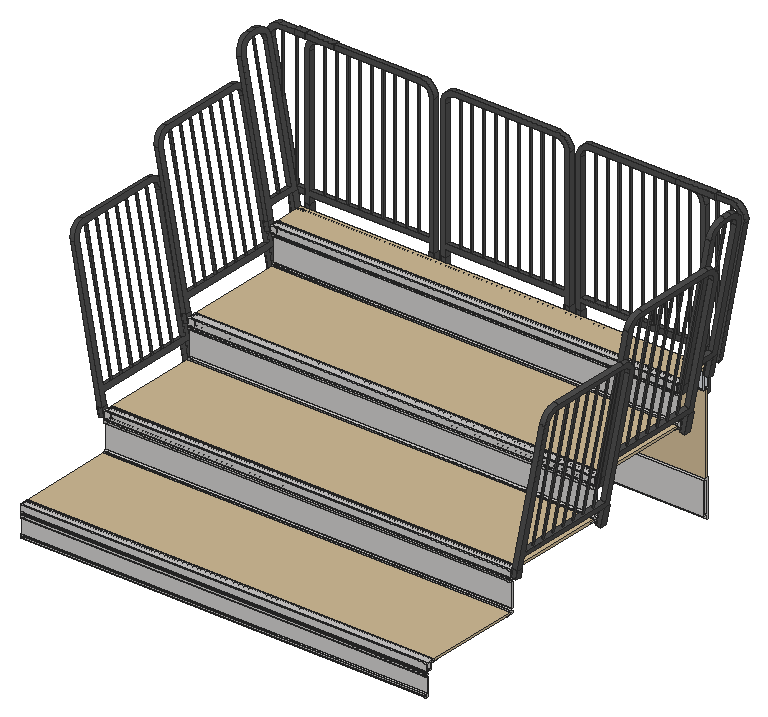
Revit family "Bleacher-Telescopic-Hussey-MAXAM_Plus-Portable-Simplified", category Specialty Equipment, Revit 2024 (continued)
Definition of nested family "Bleacher-Rear_Rail-Hussey"
  Forms (in)
    Extrusion 5, solid, detail levels medium+fine
      sketch origin (0, 0, 0) x (1, 0, 0) y (0, 1, 0)
        loop
          line (-121.625, 24.125) -> (-121.625, 22.375) -> (-119.875, 22.375) -> (-119.875, 24.125) -> (-121.625, 24.125)
      from -0.125 to 0
    Extrusion 6, solid, detail levels medium+fine
      sketch origin (0, 0, 0) x (1, 0, 0) y (0, 1, 0)
        loop
          line (-121.625, 24.125) -> (-121.625, 22.375) -> (-119.875, 22.375) -> (-119.875, 24.125) -> (-121.625, 24.125)
        loop
          line (-120, 24) -> (-121.5, 24) -> (-121.5, 22.5) -> (-120, 22.5) -> (-120, 24)
      from 0 to 9.5
  Cuts and joins
    joined: Sweep 1, Extrusion 2
    joined: Extrusion 3, Extrusion 4
    joined: Extrusion 5, Extrusion 6
  Dimensions and locks (in)
    "Height": plane 4 "Top" to level
    plane 2 "Left" to plane 6 to plane 5 = 0' - 0 3/4" locked, 0' - 0 3/4" locked
    "Width": plane 3 "Front" to plane 8
    locked: plane 3 "Front" to plane 9 at 1.5
    locked: plane 7 to plane 8 at 1.5
    locked: plane 4 "Top" to plane 10 at 1.5
    locked: plane 12 to plane 11 at 1.5
    "Baluster Spacing": plane 9 to plane 13 "First Baluster"
    "Baluster Spacing": plane 14 "Last Baluster" to plane 7
    "Baluster Height": plane 10 to plane 12
    equal spacing: group 1, group 3, group 4, group 5, group 6, group 7, group 8, group 2  (x3)
    locked: plane 3 "Front" to plane 16 at 0.125
    locked: plane 15 to plane 9 at 0.125
    locked: plane 17 to plane 5 at 0.125
    locked: plane 2 "Left" to plane 18 at 0.125
    locked: plane 8 to plane 19 at 0.125
    locked: plane 20 to plane 7 at 0.125
    locked: plane 1 to plane 21 at 0.125
    equal spacing: plane 3 "Front", plane 23 "Center (Front/Back)", plane 8
    locked: plane 11 to plane 22 at 2.25
    locked: plane 22 to plane 24 "Top Deck Height" at 1.125
    aligned and locked: plane 1 to level
    aligned and locked: Sweep 1 sketch curve to plane 3 "Front"
    aligned and locked: Sweep 1 sketch curve to plane 4 "Top"
    aligned and locked: Sweep 1 sketch curve to plane 8
    aligned and locked: plane 1 to Sweep 1 sketch curve  (x2)
    aligned and locked: plane 5 to Sweep 1 sketch curve
    aligned and locked: plane 9 to Sweep 1 sketch curve
    aligned and locked: plane 2 "Left" to Sweep 1 sketch curve
    aligned and locked: plane 3 "Front" to Sweep 1 sketch curve
    aligned and locked: plane 12 to Extrusion 2 sketch curve
    aligned and locked: plane 11 to Extrusion 2 sketch curve
    aligned and locked: plane 5 to Extrusion 2 sketch curve
    aligned and locked: plane 2 "Left" to Extrusion 2 sketch curve
    aligned and locked: plane 9 to Extrusion 2
    aligned and locked: Extrusion 2 to plane 7
    aligned and locked: plane 12 to nested 1
    aligned and locked: plane 13 "First Baluster" to nested 1
    aligned and locked: nested 1 to plane 6
    aligned and locked: plane 14 "Last Baluster" to nested 2
    aligned and locked: nested 2 to plane 12
    aligned and locked: Extrusion 3 sketch curve to plane 17
    aligned and locked: Extrusion 3 sketch curve to plane 15
    aligned and locked: plane 18 to Extrusion 3 sketch curve
    aligned and locked: plane 16 to Extrusion 3 sketch curve
    aligned and locked: Extrusion 3 sketch curve to plane 2 "Left"
    aligned and locked: Extrusion 3 sketch curve to plane 5
    aligned and locked: Extrusion 3 sketch curve to plane 3 "Front"
    aligned and locked: Extrusion 3 sketch curve to plane 9
    aligned and locked: Extrusion 3 to plane 1
    aligned and locked: plane 22 to Extrusion 3
    aligned and locked: Extrusion 4 sketch curve to plane 17
    aligned and locked: plane 18 to Extrusion 4 sketch curve
    aligned and locked: Extrusion 4 sketch curve to plane 15
    aligned and locked: plane 16 to Extrusion 4 sketch curve
    aligned and locked: plane 1 to Extrusion 4
    aligned and locked: Extrusion 4 to plane 21
    aligned and locked: Extrusion 5 sketch curve to plane 19
    aligned and locked: plane 20 to Extrusion 5 sketch curve
    aligned and locked: plane 17 to Extrusion 5 sketch curve
    aligned and locked: plane 18 to Extrusion 5 sketch curve
    aligned and locked: plane 21 to Extrusion 5
    aligned and locked: plane 1 to Extrusion 5
    aligned and locked: Extrusion 6 sketch curve to plane 19
    aligned and locked: Extrusion 6 sketch curve to plane 8
    aligned and locked: Extrusion 6 sketch curve to plane 7
    aligned and locked: plane 20 to Extrusion 6 sketch curve
    aligned and locked: plane 5 to Extrusion 6 sketch curve
    aligned and locked: Extrusion 6 sketch curve to plane 2 "Left"
    aligned and locked: plane 17 to Extrusion 6 sketch curve
    aligned and locked: plane 18 to Extrusion 6 sketch curve
    aligned and locked: Extrusion 6 to plane 1
    aligned and locked: plane 22 to cut or joined group of Extrusion 5, Extrusion 6
  Automatic sketch dimensions
    Sweep 1 sketch curve to plane 13 "First Baluster" = 0' - 1 1/8"
    plane 14 "Last Baluster" to Sweep 1 sketch curve = 0' - 1 1/8"
  Nested families (in)
    nested 1: "Bleacher-End_Rail-Hussey-Baluster" at (-0.75, 5.5, 13.25), type "Bleacher-End_Rail-Hussey-Baluster"
      with Height 3' - 5 13/16"
    nested 2: "Bleacher-End_Rail-Hussey-Baluster" at (-0.75, 30.5, 13.25), type "Bleacher-End_Rail-Hussey-Baluster"
      with Height 3' - 5 13/16"
    nested 3: "Bleacher-End_Rail-Hussey-Baluster" at (-0.75, 9.07143, 13.25), type "Bleacher-End_Rail-Hussey-Baluster"
      with Height 3' - 5 13/16"
    nested 4: "Bleacher-End_Rail-Hussey-Baluster" at (-0.75, 12.64286, 13.25), type "Bleacher-End_Rail-Hussey-Baluster"
      with Height 3' - 5 13/16"
    nested 5: "Bleacher-End_Rail-Hussey-Baluster" at (-0.75, 16.21429, 13.25), type "Bleacher-End_Rail-Hussey-Baluster"
      with Height 3' - 5 13/16"
    nested 6: "Bleacher-End_Rail-Hussey-Baluster" at (-0.75, 19.78571, 13.25), type "Bleacher-End_Rail-Hussey-Baluster"
      with Height 3' - 5 13/16"
    nested 7: "Bleacher-End_Rail-Hussey-Baluster" at (-0.75, 23.35714, 13.25), type "Bleacher-End_Rail-Hussey-Baluster"
      with Height 3' - 5 13/16"
    nested 8: "Bleacher-End_Rail-Hussey-Baluster" at (-0.75, 26.92857, 13.25), type "Bleacher-End_Rail-Hussey-Baluster"
      with Height 3' - 5 13/16"
  Definition of nested family "Bleacher-End_Rail-Hussey-Baluster"
    Parameters
      URL = "http://www.husseyseating.com/"
      Model = ""
      Manufacturer = "Hussey Seating Company"  # constant formula
      Height = 3' - 3"
      Description = "Single Baluster for Bleacher End Rail"
      Default Elevation = 0' - 0"
      Created By = "Revitus"  # constant formula
      Creator URL = "http://www.revituspro.com/"
      Baluster Width = 0' - 0 3/8"
      Baluster Material = none
      Baluster Depth = 0' - 0 3/8"
      Assembly Code = ""
    Reference planes (in)
      plane 1: z = 0
      plane 2 "Center (Left/Right)": x = -120
      plane 3 "Center (Front/Back)": y = -12
      plane 4 "Top": z = 39
      plane 5 "Left": x = -120.1875
      plane 6 "Back": y = -11.8125
      plane 7 "Right": x = -119.8125
      plane 8 "Front": y = -12.1875
    Forms (in)
      Extrusion 1, solid, material <- "Baluster Material"
        sketch origin (0, 0, 0) x (1, 0, 0) y (0, 1, 0)
          loop
            line (-119.8125, -11.8125) -> (-120.1875, -11.8125) -> (-120.1875, -12.1875) -> (-119.8125, -12.1875) -> (-119.8125, -11.8125)
        from 0 to 39
    Dimensions and locks (in)
      "Height": plane 4 "Top" to level
      equal spacing: plane 5 "Left", plane 2 "Center (Left/Right)", plane 7 "Right"
      "Baluster Width": plane 5 "Left" to plane 7 "Right"
      equal spacing: plane 8 "Front", plane 3 "Center (Front/Back)", plane 6 "Back"
      "Baluster Depth": plane 8 "Front" to plane 6 "Back"
      aligned and locked: plane 1 to level
      aligned and locked: Extrusion 1 sketch curve to plane 6 "Back"
      aligned and locked: plane 7 "Right" to Extrusion 1 sketch curve
      aligned and locked: plane 8 "Front" to Extrusion 1 sketch curve
      aligned and locked: Extrusion 1 sketch curve to plane 5 "Left"
      aligned and locked: plane 4 "Top" to Extrusion 1
      aligned and locked: Extrusion 1 to level
Definition of nested family "Bleacher-Rear_Rail_Filler-Hussey"
  Parameters
    URL = "http://www.husseyseating.com/"
    Model = ""
    Manufacturer = "Hussey Seating Company"  # constant formula
    Height = 4' - 8 9/16"
    End Rail Color = none
    Description = "Rear Rail Filler at End Rail"
    Default Elevation = 0' - 0"
    Created By = "Revitus"  # constant formula
    Creator URL = "http://www.revituspro.com/"
    Baluster Height = Height - 1' 2 3/4"  # 3' - 5 13/16"
    Assembly Code = ""
  Reference planes (in)
    plane 1: z = 0
    plane 2 "Left": x = -120
    plane 3 "Front": y = -12
    plane 4 "Top": z = 56.5625
    plane 5: x = -121.5
    plane 6 "Center (Left/Right)": x = -120.75
    plane 7: y = -10.5
    plane 8: z = 55.0625
    plane 9: z = 11.75
    plane 10: z = 13.25
    plane 11: y = -10.375
    plane 12: y = -12.125
    plane 13: x = -121.625
    plane 14: x = -119.875
    plane 15: z = -0.125
    plane 16: z = 9.5
    plane 17 "Top Deck Height": z = 8.375
    plane 18: y = -24.125
    plane 19: y = -15.125
    plane 20: x = -121.625
    plane 21: x = -119.875
    plane 22: z = 56.6875
    plane 23: y = -3
    plane 24: y = -19.5
  Forms (in)
    Sweep 1, solid, material <- "End Rail Color"
      path origin (-120, 0, 0) x (0, 1, 0) y (0, 0, 1)
        loop
          line (-16.03064, 10.12437) -> (-24.04462, 51.35271)
          arc (-24.04462, 51.35271) -> (-23.12586, 54.97034) -> (-19.75, 56.5625) r 4.375
          line (-19.75, 56.5625) -> (-12, 56.5625)
      profile origin (-120, -20.03763, 30.73854) x (0, -0.981627, -0.190809) y (1, 0, 0)
        loop
          line (-1.5, -1.5) -> (0, -1.5) -> (0, 0) -> (-1.5, 0) -> (-1.5, -1.5)
    Extrusion 2, solid, material <- "End Rail Color"
      sketch origin (0, -12, 0) x (-1, 0, 0) y (0, 0, 1)
        loop
          line (121.5, 13.25) -> (120, 13.25) -> (120, 11.75) -> (121.5, 11.75) -> (121.5, 13.25)
      from -3.125 to 0
    Extrusion 3, solid, material <- "End Rail Color"
      sketch origin (0, 5, 0) x (0, 0, 1) y (1, 0, 0)
        loop
          line (56.6875, -121.625) -> (56.6875, -119.875) -> (55.0625, -119.875) -> (55.0625, -120) -> (56.5625, -120) -> (56.5625, -121.5) -> (55.0625, -121.5) -> (55.0625, -121.625) -> (56.6875, -121.625)
      from -20.125 to -8
  Lines and regions (in)
    reference lines
      curve 1: line (-120.75, -10.5, 56.5625) -> (-120.75, -19.75, 56.5625)
      curve 2: line (-120.75, -16.03064, 10.12437) -> (-120.75, -24.04462, 51.35271)
      curve 3: arc (-120.75, -24.04462, 51.35271) -> (-120.75, -23.12586, 54.97034) -> (-120.75, -19.75, 56.5625) r 4.375
  Dimensions and locks (in)
    "Height": plane 4 "Top" to level
    plane 2 "Left" to plane 6 "Center (Left/Right)" to plane 5 = 0' - 0 3/4" locked, 0' - 0 3/4" locked
    locked: plane 3 "Front" to plane 7 at 1.5
    locked: plane 4 "Top" to plane 8 at 1.5
    locked: plane 10 to plane 9 at 1.5
    "Baluster Height": plane 8 to plane 10
    locked: plane 3 "Front" to plane 12 at 0.125
    locked: plane 11 to plane 7 at 0.125
    locked: plane 13 to plane 5 at 0.125
    locked: plane 2 "Left" to plane 14 at 0.125
    locked: plane 1 to plane 15 at 0.125
    locked: plane 9 to plane 16 at 2.25
    locked: plane 16 to plane 17 "Top Deck Height" at 1.125
    locked: plane 22 to plane 4 "Top" at 0.125
    locked: plane 21 to plane 2 "Left" at 0.125
    locked: plane 20 to plane 5 at 0.125
    plane 18 to plane 19 to plane 7 to plane 23 = 0' - 9" locked, 0' - 4 5/8" locked, 0' - 7 1/2" locked
    angle plane 18 to curve 2 = 11.00°
    aligned and locked: plane 1 to level
    aligned and locked: plane 10 to Extrusion 2 sketch curve
    aligned and locked: plane 9 to Extrusion 2 sketch curve
    aligned and locked: plane 5 to Extrusion 2 sketch curve
    aligned and locked: plane 2 "Left" to Extrusion 2 sketch curve
    aligned: plane 7 to Extrusion 2
    aligned and locked: nested 1 to plane 6 "Center (Left/Right)"
    aligned and locked: Sweep 1 sketch curve to curve 2
    aligned and locked: Sweep 1 sketch curve to curve 3
    aligned and locked: curve 1 to Sweep 1 sketch curve
    aligned and locked: plane 20 to Extrusion 3 sketch curve
    aligned and locked: plane 22 to Extrusion 3 sketch curve
    aligned and locked: Extrusion 3 sketch curve to plane 21
    aligned and locked: plane 2 "Left" to Extrusion 3 sketch curve
    aligned and locked: plane 5 to Extrusion 3 sketch curve
    aligned and locked: plane 4 "Top" to Extrusion 3 sketch curve
    aligned and locked: plane 8 to Extrusion 3 sketch curve  (x2)
    aligned and locked: Extrusion 3 to plane 19
    aligned and locked: plane 23 to Extrusion 3
    aligned and locked: plane 24 to nested 1
    aligned and locked: plane 19 to nested 2
    aligned and locked: plane 3 "Front" to Extrusion 2
  Automatic sketch dimensions
    Sweep 1 sketch curve to plane 2 "Left" = 0' - 0"
    Sweep 1 sketch curve to profile plane = 0' - 0"
    Sweep 1 sketch curve to Sweep 1 sketch curve = 0' - 1 1/2"
    Sweep 1 sketch curve to plane 2 "Left" = 0' - 1 1/2"
    plane 4 "Top" to curve 1 = 0' - 0"
    curve 1 to plane 7 = 0' - 0"
    curve 3 to plane 8 = 0' - 2 7/8"
    plane 18 to curve 3 = 0' - 0.08038"
    curve 3 to plane 8 = 0' - 3.70979"
    Sweep 1 sketch curve to plane 3 "Front" = 0' - 0"
    plane 18 to Sweep 1 sketch curve = 0' - 0.08038"
    plane 16 to Sweep 1 sketch curve = 0' - 0.62437"
  Nested families (in)
    nested 1: "Bleacher-End_Rail-Hussey-Baluster" at (-0.75, -7.5, 36.5625), type "Bleacher-Rear_Rail_Filler-Hussey-Baluster"
      with Height 1' - 6 1/2"
    nested 2: "Bleacher-End_Rail-Hussey-Baluster" at (-0.75, -3.125, 13.25), type "Bleacher-End_Rail-Hussey-Baluster"
      with Height 3' - 5 13/16"
  Definition of nested family "Bleacher-End_Rail-Hussey-Baluster"
    Parameters
      URL = "http://www.husseyseating.com/"
      Model = ""
      Manufacturer = "Hussey Seating Company"  # constant formula
      Height = 3' - 3"
      Description = "Single Baluster for Bleacher End Rail"
      Default Elevation = 0' - 0"
      Created By = "Revitus"  # constant formula
      Creator URL = "http://www.revituspro.com/"
      Baluster Width = 0' - 0 3/8"
      Baluster Material = none
      Baluster Depth = 0' - 0 3/8"
      Assembly Code = ""
    Reference planes (in)
      plane 1: z = 0
      plane 2 "Center (Left/Right)": x = -120
      plane 3 "Center (Front/Back)": y = -12
      plane 4 "Top": z = 39
      plane 5 "Left": x = -120.1875
      plane 6 "Back": y = -11.8125
      plane 7 "Right": x = -119.8125
      plane 8 "Front": y = -12.1875
    Forms (in)
      Extrusion 1, solid, material <- "Baluster Material"
        sketch origin (0, 0, 0) x (1, 0, 0) y (0, 1, 0)
          loop
            line (-119.8125, -11.8125) -> (-120.1875, -11.8125) -> (-120.1875, -12.1875) -> (-119.8125, -12.1875) -> (-119.8125, -11.8125)
        from 0 to 39
    Dimensions and locks (in)
      "Height": plane 4 "Top" to level
      equal spacing: plane 5 "Left", plane 2 "Center (Left/Right)", plane 7 "Right"
      "Baluster Width": plane 5 "Left" to plane 7 "Right"
      equal spacing: plane 8 "Front", plane 3 "Center (Front/Back)", plane 6 "Back"
      "Baluster Depth": plane 8 "Front" to plane 6 "Back"
      aligned and locked: plane 1 to level
      aligned and locked: Extrusion 1 sketch curve to plane 6 "Back"
      aligned and locked: plane 7 "Right" to Extrusion 1 sketch curve
      aligned and locked: plane 8 "Front" to Extrusion 1 sketch curve
      aligned and locked: Extrusion 1 sketch curve to plane 5 "Left"
      aligned and locked: plane 4 "Top" to Extrusion 1
      aligned and locked: Extrusion 1 to level
Definition of nested family "Bleacher Seat"
  Parameters
    URL = "http://www.husseyseating.com/"
    Show XC12 = no
    Show XC10 = yes
    Show Metro Chair = no
    Show Classic Wood Seat = no
    Seat Color = none
    Model = "CourtSide XC10"
    Manufacturer = "Hussey Seating Company"  # constant formula
    Default Elevation = 0' - 0"
    Created By = "Revitus"  # constant formula
    Creator URL = "http://www.revituspro.com/"
    Bank Length [instance] = 18' - 0"
    Assembly Code = ""
  Reference planes (in)
    plane 1: z = 0
    plane 2 "Center (Left/Right)": x = -12
    plane 3 "Left": x = -120
    plane 4 "Right": x = 96
    plane 5 "Front": y = -12
    plane 6 "Host Level Offset Bottom": z = -8
    plane 7 "Host Level Offset Top": z = 8
  Forms (in)
    Extrusion 1, solid, material <- "Seat Color", visible <- "Show XC10"
      sketch origin (-12, 0, 0) x (0, 1, 0) y (0, 0, 1)
        loop
          line (-11.8125, 0) -> (-6.27222, 0) -> (-6.97372, 2.36822)
          arc (-6.97372, 2.36822) -> (-6.9994, 2.46728) -> (-7.01998, 2.56753) r 2
          arc (-7.01998, 2.56753) -> (-6.96581, 3.00687) -> (-6.67332, 3.33914) r 0.75
          line (-6.67332, 3.33914) -> (-4.24513, 4.82586)
          arc (-4.24513, 4.82586) -> (-3.94252, 4.96751) -> (-3.61606, 5.03866) r 1.5
          arc (-3.61606, 5.03866) -> (-3.47664, 5.05337) -> (-3.33728, 5.06869) r 32.21588
          arc (-3.33728, 5.06869) -> (-3.31572, 5.08178) -> (-3.31176, 5.10668) r 0.03
          line (-3.31176, 5.10668) -> (-3.46714, 5.64853)
          arc (-3.46714, 5.64853) -> (-3.46045, 5.70866) -> (-3.41358, 5.74692) r 0.08
          arc (-3.41358, 5.74692) -> (-3.28838, 5.81194) -> (-3.23332, 5.94182) r 0.2083
          line (-3.23332, 5.94182) -> (-3.23332, 6.00281)
          arc (-3.23332, 6.00281) -> (-3.33303, 6.22615) -> (-3.56588, 6.30102) r 0.29999
          arc (-3.56588, 6.30102) -> (-7.6105, 6.12553) -> (-11.64345, 6.47919) r 30.96588
          arc (-11.64345, 6.47919) -> (-11.88356, 6.484) -> (-12.11945, 6.43895) r 1.1526
          arc (-12.11945, 6.43895) -> (-12.59256, 6.21492) -> (-12.97892, 5.86171) r 1.76109
          arc (-12.97892, 5.86171) -> (-13.19235, 5.56913) -> (-13.23339, 5.20932) r 0.7088
          arc (-13.23339, 5.20932) -> (-13.02864, 1.37672) -> (-12.60147, -2.4375) r 66
          line (-12.60147, -2.4375) -> (-12, -2.4375) -> (-12, -0.1875)
          arc (-12, -0.1875) -> (-11.94508, -0.05492) -> (-11.8125, 0) r 0.1875
      from -108 to 108
    Extrusion 2, solid, material <- "Seat Color", visible <- "Show Classic Wood Seat"
      sketch origin (0, 0, 0) x (0, 1, 0) y (0, 0, 1)
        loop
          line (-12, 5.4375) -> (-12.75, 5.4375) -> (-12.75, -2.22535)
          arc (-12.75, -2.22535) -> (-12.375, -2.4375) -> (-12, -2.22535) r 0.4375
          line (-12, -2.22535) -> (-12, 5.4375)
        loop
          line (-4.18696, 6.02394) -> (-12.75906, 6.27231)
          arc (-12.75906, 6.27231) -> (-12.98199, 5.90361) -> (-12.78078, 5.52262) r 0.4375
          line (-12.78078, 5.52262) -> (-4.20869, 5.27426)
          arc (-4.20869, 5.27426) -> (-3.98576, 5.64296) -> (-4.18696, 6.02394) r 0.4375
      from -120 to 96
    Extrusion 3, solid, material <- "Seat Color", visible <- "Show XC12"
      sketch origin (0, 0, 0) x (0, 1, 0) y (0, 0, 1)
        loop
          line (-11.8125, 0) -> (-4.66697, 0) -> (-5.65002, 3.11784) -> (-1.62017, 5.26175)
          arc (-1.62017, 5.26175) -> (-1.56901, 5.25756) -> (-1.51779, 5.26091) r 0.35
          arc (-1.51779, 5.26091) -> (-1.38738, 5.32486) -> (-1.33463, 5.4602) r 0.2
          line (-1.33463, 5.4602) -> (-1.33463, 5.72823)
          arc (-1.33463, 5.72823) -> (-1.45521, 6.05387) -> (-1.75878, 6.22245) r 0.5
          line (-1.75878, 6.22245) -> (-3.66896, 6.46462) -> (-5.71322, 6.46637)
          arc (-5.71322, 6.46637) -> (-8.17496, 6.47218) -> (-10.63266, 6.61324) r 44.78937
          arc (-10.63266, 6.61324) -> (-11.73081, 6.45288) -> (-12.59544, 5.75714) r 2.10864
          line (-12.59544, 5.75714) -> (-13.21576, 4.92083)
          arc (-13.21576, 4.92083) -> (-13.3805, 4.53599) -> (-13.43565, 4.12101) r 1.54192
          arc (-13.43565, 4.12101) -> (-13.30757, 0.72964) -> (-12.72588, -2.61393) r 25.25144
          line (-12.72588, -2.61393) -> (-12, -2.61395) -> (-12, -0.1875)
          arc (-12, -0.1875) -> (-11.94508, -0.05492) -> (-11.8125, 0) r 0.1875
      from -120 to 96
    Extrusion 4, solid, visible <- "Show Classic Wood Seat"
      sketch origin (0, 0, 0) x (0, 1, 0) y (0, 0, 1)
        loop
          line (-11.63037, 0) -> (-7, 0) -> (-7, 0.1196) -> (-7.86588, 0.1196) -> (-11.6304, 0.1196)
          arc (-11.6304, 0.1196) -> (-11.80718, 0.19282) -> (-11.8804, 0.3696) r 0.25
          line (-11.8804, 0.3696) -> (-11.8804, 0.5) -> (-11.8804, 4.25) -> (-11.8804, 4.375) -> (-11.8804, 5.11954)
          arc (-11.8804, 5.11954) -> (-11.8046, 5.29885) -> (-11.62316, 5.36943) r 0.25
          line (-11.62316, 5.36943) -> (-6.24255, 5.21354) -> (-4.38166, 5.15962) -> (-4.25671, 5.156) -> (-4.25325, 5.27555) -> (-11.6197, 5.48898)
          arc (-11.6197, 5.48898) -> (-11.88793, 5.38464) -> (-12, 5.11954) r 0.3696
          line (-12, 5.11954) -> (-12, 0.375)
          arc (-12, 0.375) -> (-11.89364, 0.11017) -> (-11.63037, 0) r 0.36967
      from -120 to 96
  Lines and regions (in)
    model lines, visible <- "Show Metro Chair"
      curve 1: line (-120, -12, 0) -> (96, -12, 0)
      curve 2: line (-12, -12, 0) -> (-12, -11, 0)
  Dimensions and locks (in)
    "Bank Length": plane 3 "Left" to plane 4 "Right"
    equal spacing: plane 3 "Left", plane 2 "Center (Left/Right)", plane 4 "Right"
    aligned and locked: plane 1 to level
    aligned and locked: Extrusion 1 sketch curve to level
    aligned and locked: Extrusion 1 sketch curve to plane 5 "Front"
    aligned and locked: Extrusion 1 to plane 3 "Left"
    aligned and locked: Extrusion 1 to plane 4 "Right"
    aligned and locked: Extrusion 2 to plane 3 "Left"
    aligned and locked: Extrusion 2 to plane 4 "Right"
    aligned and locked: Extrusion 3 to plane 3 "Left"
    aligned and locked: Extrusion 3 to plane 4 "Right"
    aligned and locked: Extrusion 4 to plane 4 "Right"
    aligned and locked: Extrusion 4 to plane 3 "Left"
    aligned and locked: curve 1 to plane 5 "Front"
    aligned and locked: curve 2 to level
  Automatic sketch dimensions
    Extrusion 1 sketch curve to Extrusion 1 sketch curve = 0' - 0"  (x7)
    Extrusion 1 sketch curve to plane 5 "Front" = 0' - 0.11945"
    Extrusion 1 sketch curve to plane 5 "Front" = 0' - 0.532"
    Extrusion 1 sketch curve to Extrusion 1 sketch curve = 0' - 0.60147"
    Extrusion 1 sketch curve to Extrusion 1 sketch curve = 0' - 0.44692"
    Extrusion 1 sketch curve to Extrusion 1 sketch curve = 0' - 0.25447"
    plane 5 "Front" to Extrusion 1 sketch curve = 0' - 0 3/16"
    plane 5 "Front" to Extrusion 1 sketch curve = 0' - 0.21354"
    plane 5 "Front" to Extrusion 1 sketch curve = 0' - 0.35655"
    plane 5 "Front" to Extrusion 1 sketch curve = 0' - 0.38933"
    level to Extrusion 1 sketch curve = 0' - 2.56753"
    plane 5 "Front" to Extrusion 1 sketch curve = 0' - 4.98002"
    level to Extrusion 1 sketch curve = 0' - 2.36822"
    Extrusion 1 sketch curve to Extrusion 1 sketch curve = 0' - 0.04626"
    plane 5 "Front" to Extrusion 1 sketch curve = 0' - 5.07235"
    Extrusion 1 sketch curve to Extrusion 1 sketch curve = 0' - 0.34667"
    Extrusion 1 sketch curve to Extrusion 1 sketch curve = 0' - 0 189/256"
    Extrusion 1 sketch curve to Extrusion 1 sketch curve = 0' - 0.7015"
    Extrusion 1 sketch curve to Extrusion 1 sketch curve = 0' - 1.23049"
    plane 7 "Host Level Offset Top" to Extrusion 1 sketch curve = 0' - 3.17414"
    Extrusion 1 sketch curve to Extrusion 1 sketch curve = 0' - 0.80607"
    Extrusion 1 sketch curve to Extrusion 1 sketch curve = 0' - 0.62907"
    Extrusion 1 sketch curve to Extrusion 1 sketch curve = 0' - 0.05018"
    Extrusion 1 sketch curve to Extrusion 1 sketch curve = 0' - 0.03257"
    Extrusion 1 sketch curve to Extrusion 1 sketch curve = 0' - 0.06618"
    Extrusion 1 sketch curve to Extrusion 1 sketch curve = 0' - 0.78326"
    Extrusion 1 sketch curve to Extrusion 1 sketch curve = 0' - 0.09201"
    Extrusion 1 sketch curve to Extrusion 1 sketch curve = 0' - 0.05356"
    Extrusion 1 sketch curve to Extrusion 1 sketch curve = 0' - 0.02339"
    Extrusion 1 sketch curve to Extrusion 1 sketch curve = 0' - 0.27543"
    Extrusion 1 sketch curve to Extrusion 1 sketch curve = 0' - 0.00334"
    plane 7 "Host Level Offset Top" to Extrusion 1 sketch curve = 0' - 2.89332"
    Extrusion 1 sketch curve to Extrusion 1 sketch curve = 0' - 0.02886"
    Extrusion 1 sketch curve to Extrusion 1 sketch curve = 0' - 0.20798"
    plane 7 "Host Level Offset Top" to Extrusion 1 sketch curve = 0' - 1.18769"
    Extrusion 1 sketch curve to Extrusion 1 sketch curve = 4' - 7 251/256"
    Extrusion 1 sketch curve to Extrusion 1 sketch curve = 0' - 2 1/4"
    Extrusion 1 sketch curve to Extrusion 1 sketch curve = 0' - 0.45636"
    Extrusion 1 sketch curve to Extrusion 1 sketch curve = 0' - 0.35428"
    Extrusion 1 sketch curve to Extrusion 1 sketch curve = 0' - 0.02189"
    Extrusion 1 sketch curve to Extrusion 1 sketch curve = 0' - 0.06098"
    Extrusion 2 sketch curve to plane 5 "Front" = 0' - 0"
    Extrusion 2 sketch curve to plane 5 "Front" = 0' - 0 3/8"
    Extrusion 2 sketch curve to plane 5 "Front" = 0' - 0.54467"
    Extrusion 2 sketch curve to Extrusion 2 sketch curve = 0' - 0 3/8"
    Extrusion 2 sketch curve to Extrusion 2 sketch curve = 0' - 0.21439"  (x2)
    Extrusion 2 sketch curve to Extrusion 2 sketch curve = 0' - 0.03078"
    plane 7 "Host Level Offset Top" to Extrusion 2 sketch curve = 0' - 2.34437"
    plane 5 "Front" to Extrusion 2 sketch curve = 0' - 7.57692"
    plane 7 "Host Level Offset Top" to Extrusion 2 sketch curve = 0' - 2.72574"
    plane 7 "Host Level Offset Top" to Extrusion 2 sketch curve = 0' - 1.97606"
    Extrusion 2 sketch curve to level = 0' - 2"
    Extrusion 2 sketch curve to Extrusion 2 sketch curve = 0' - 0.22535"
    plane 7 "Host Level Offset Top" to Extrusion 2 sketch curve = 0' - 2 9/16"
    Extrusion 2 sketch curve to Extrusion 2 sketch curve = 0' - 0.08512"
    Extrusion 2 sketch curve to Extrusion 2 sketch curve = 0' - 0.36832"
    Extrusion 3 sketch curve to plane 5 "Front" = 0' - 0"
    Extrusion 3 sketch curve to level = 0' - 0"
    Extrusion 3 sketch curve to plane 5 "Front" = 0' - 0.59544"
    Extrusion 3 sketch curve to plane 5 "Front" = 0' - 0.72588"
    Extrusion 3 sketch curve to Extrusion 3 sketch curve = 0' - 0.62031"
    Extrusion 3 sketch curve to Extrusion 3 sketch curve = 0' - 0.21989"
    plane 5 "Front" to Extrusion 3 sketch curve = 0' - 0.10626"
    Extrusion 3 sketch curve to Extrusion 3 sketch curve = 0' - 0 3/16"
    Extrusion 3 sketch curve to Extrusion 3 sketch curve = 0' - 1.00595"
    plane 5 "Front" to Extrusion 3 sketch curve = 0' - 1.36734"
    plane 5 "Front" to Extrusion 3 sketch curve = 0' - 5.16161"
    plane 7 "Host Level Offset Top" to Extrusion 3 sketch curve = 0' - 1.53363"
    Extrusion 3 sketch curve to Extrusion 3 sketch curve = 0' - 4.91945"
    level to Extrusion 3 sketch curve = 0' - 3.11784"
    Extrusion 3 sketch curve to Extrusion 3 sketch curve = 0' - 0.06319"
    Extrusion 3 sketch curve to Extrusion 3 sketch curve = 0' - 0.98305"
    plane 7 "Host Level Offset Top" to Extrusion 3 sketch curve = 0' - 1.53538"
    Extrusion 3 sketch curve to Extrusion 3 sketch curve = 0' - 2.04426"
    Extrusion 3 sketch curve to Extrusion 3 sketch curve = 0' - 1.83433"
    Extrusion 3 sketch curve to Extrusion 3 sketch curve = 0' - 0.07585"
    Extrusion 3 sketch curve to Extrusion 3 sketch curve = 0' - 0.21445"
    Extrusion 3 sketch curve to Extrusion 3 sketch curve = 0' - 0.26849"
    Extrusion 3 sketch curve to Extrusion 3 sketch curve = 0' - 0.03151"
    Extrusion 3 sketch curve to Extrusion 3 sketch curve = 0' - 0.10238"
    Extrusion 3 sketch curve to Extrusion 3 sketch curve = 0' - 0.2"
    Extrusion 3 sketch curve to Extrusion 3 sketch curve = 0' - 0.23151"
    level to Extrusion 3 sketch curve = 0' - 3.37615"
    Extrusion 3 sketch curve to Extrusion 3 sketch curve = 1' - 1.13943"
    Extrusion 3 sketch curve to Extrusion 3 sketch curve = 0' - 2.42643"
    Extrusion 3 sketch curve to Extrusion 3 sketch curve = 0' - 0"  (x2)
    Extrusion 3 sketch curve to Extrusion 3 sketch curve = 0' - 0.00623"
    Extrusion 3 sketch curve to Extrusion 3 sketch curve = 0' - 0.39285"
    Extrusion 3 sketch curve to Extrusion 3 sketch curve = 0' - 1.20371"
    Extrusion 3 sketch curve to Extrusion 3 sketch curve = 0' - 0.00084"
    Extrusion 3 sketch curve to Extrusion 3 sketch curve = 0' - 0.12068"
    Extrusion 3 sketch curve to Extrusion 3 sketch curve = 0' - 0.83631"
    Extrusion 4 sketch curve to Extrusion 4 sketch curve = 0' - 0"  (x2)
    Extrusion 4 sketch curve to level = 0' - 0"
    plane 5 "Front" to Extrusion 4 sketch curve = 0' - 0"
    plane 5 "Front" to Extrusion 4 sketch curve = 0' - 0.1196"
    level to Extrusion 4 sketch curve = 0' - 0.1196"
    Extrusion 4 sketch curve to Extrusion 4 sketch curve = 0' - 0 1/4"  (x2)
    Extrusion 4 sketch curve to Extrusion 4 sketch curve = 0' - 0.00003"
    Extrusion 4 sketch curve to Extrusion 4 sketch curve = 0' - 0.00724"
    Extrusion 4 sketch curve to Extrusion 4 sketch curve = 0' - 0.00346"
    Extrusion 4 sketch curve to Extrusion 4 sketch curve = 0' - 3.76452"
    Extrusion 4 sketch curve to Extrusion 4 sketch curve = 0' - 0.86588"
    plane 7 "Host Level Offset Top" to Extrusion 4 sketch curve = 0' - 2.78646"
    Extrusion 4 sketch curve to Extrusion 4 sketch curve = 0' - 0.75745"
    plane 7 "Host Level Offset Top" to Extrusion 4 sketch curve = 0' - 2.84038"
    Extrusion 4 sketch curve to Extrusion 4 sketch curve = 0' - 1.86089"
    plane 7 "Host Level Offset Top" to Extrusion 4 sketch curve = 0' - 2.844"
    Extrusion 4 sketch curve to Extrusion 4 sketch curve = 0' - 0.12495"
    plane 7 "Host Level Offset Top" to Extrusion 4 sketch curve = 0' - 2.72445"
    Extrusion 4 sketch curve to Extrusion 4 sketch curve = 0' - 0.00007"
    Extrusion 4 sketch curve to Extrusion 4 sketch curve = 0' - 0.1304"
    Extrusion 4 sketch curve to Extrusion 4 sketch curve = 0' - 0.86954"
    Extrusion 4 sketch curve to Extrusion 4 sketch curve = 0' - 0 1/8"
    curve 1 to plane 3 "Left" = 0' - 0"
    curve 1 to plane 4 "Right" = 0' - 0"
    plane 5 "Front" to curve 2 = 0' - 0"
    plane 5 "Front" to curve 2 = 0' - 1"
Definition of nested family "Metro Chair-Single Row Array-Simplified"
  Parameters
    URL = "http://www.husseyseating.com/"
    Stanchion Color = none
    Show Metro Chair = yes
    Show Cup Holders = yes
    Show Arms = yes
    Seats Upright [instance] = yes
    Seats Folded Flat [instance] = no
    Seat Width = 1' - 9"
    Seat Down = yes
    Seat Color = none
    Number of Seats per Row = 5
    Model = "Metro Chair"
    Manufacturer = "Hussey Seating Company"  # constant formula
    Description = "Metro Chair - Single Row Array"
    Default Elevation = 0' - 0"
    Creator URL = "http://www.revituspro.com/"
    Created By = "Revitus"  # constant formula
    Copyright Notice = "© Hussey Seating Co.  All Rights Reserved."  # constant formula
    Chair Array Width to First and Last Centers = 7' - 0"
    BIM Version = "v1.2"  # constant formula
    Assembly Code = ""
  Reference planes (in)
    plane 1 "Center (Front/Back)": y = 0
    plane 2: z = 0
    plane 3 "Center (Left/Right)": x = 0
    plane 4 "First Chair - Center (Left/Right": x = -42
    plane 5 "Last Chair - Center (Left/Right)": x = 42
  Dimensions and locks (in)
    equal spacing: plane 4 "First Chair - Center (Left/Right", plane 3 "Center (Left/Right)", plane 5 "Last Chair - Center (Left/Right)"
    "Chair Array Width to First and Last Centers": plane 4 "First Chair - Center (Left/Right" to plane 5 "Last Chair - Center (Left/Right)"
    equal spacing: group 1, group 3, group 4, group 5, group 2  (x3)
    equal spacing: group 6, group 8, group 9, group 10, group 7  (x3)
    aligned and locked: level to plane 2
    aligned and locked: plane 4 "First Chair - Center (Left/Right" to nested 1
    aligned and locked: nested 1 to plane 1 "Center (Front/Back)"
    aligned and locked: level to nested 1
    aligned and locked: level to nested 2
    aligned and locked: nested 2 to plane 5 "Last Chair - Center (Left/Right)"
    aligned and locked: nested 6 to plane 4 "First Chair - Center (Left/Right"
    aligned and locked: nested 6 to plane 1 "Center (Front/Back)"
    aligned and locked: level to nested 6
    aligned and locked: level to nested 7
    aligned and locked: nested 7 to plane 1 "Center (Front/Back)"
    aligned and locked: nested 7 to plane 5 "Last Chair - Center (Left/Right)"
  Nested families (in)
    nested 1: "Metro Chair-Simplified" at (67.5, 10.625, 0), visible <- "Seats Upright", type "Metro Chair"
    nested 2: "Metro Chair-Simplified" at (151.5, 10.625, 0), visible <- "Seats Upright", type "Metro Chair"
    nested 3: "Metro Chair-Simplified" at (88.5, 10.625, 0), visible <- "Seats Upright", type "Metro Chair"
    nested 4: "Metro Chair-Simplified" at (109.5, 10.625, 0), visible <- "Seats Upright", type "Metro Chair"
    nested 5: "Metro Chair-Simplified" at (130.5, 10.625, 0), visible <- "Seats Upright", type "Metro Chair"
    nested 6: "Metro Chair-Folded-Simplified" at (67.5, 10.625, 0), visible <- "Seats Folded Flat", type "Metro Chair"
    nested 7: "Metro Chair-Folded-Simplified" at (151.5, 10.625, 0), visible <- "Seats Folded Flat", type "Metro Chair"
    nested 8: "Metro Chair-Folded-Simplified" at (88.5, 10.625, 0), visible <- "Seats Folded Flat", type "Metro Chair"
    nested 9: "Metro Chair-Folded-Simplified" at (109.5, 10.625, 0), visible <- "Seats Folded Flat", type "Metro Chair"
    nested 10: "Metro Chair-Folded-Simplified" at (130.5, 10.625, 0), visible <- "Seats Folded Flat", type "Metro Chair"
  Definition of nested family "Metro Chair-Simplified"
    Parameters
      URL = "http://www.husseyseating.com/"
      Stanchion Color = none
      Show Metro Chair = yes
      Show Cup Holders = yes
      Show Arms = yes
      Seat Width = 1' - 9"
      Seat Up = not(Seat Down)  # no
      Seat Down = yes
      Seat Color = none
      Seat Back Color = none
      No Arms = not(Show Arms)  # no
      Model = "Metro Chair"
      Manufacturer = "Hussey Seating Company"  # constant formula
      Default Elevation = 0' - 0"
      Created By = "Revitus"  # constant formula
      Creator URL = "http://www.revituspro.com/"
      Assembly Code = ""
    Reference planes (in)
      plane 1: z = 0
      plane 2 "Center (Left/Right)": x = -109.5
      plane 3 "Left": x = -120
      plane 4 "Right": x = -99
      plane 5 "Front": y = -12
      plane 6 "Host Level Offset Bottom": z = -8
      plane 7 "Host Level Offset Top": z = 8
      plane 8: x = -100.1875
      plane 9: x = -97.8125
      plane 10: x = -118.8125
      plane 11: x = -121.1875
      plane 12 "Seat - Right": x = -101
      plane 13 "Seat - Left": x = -118
      plane 14 "Attachment to Riser": y = -10.625
      plane 15: x = -98.0625
      plane 16: x = -99.9375
      plane 17: x = -120.9375
      plane 18: x = -119.0625
      plane 19: x = -99.5
      plane 20: x = -98.5
      plane 21: x = -119.5
      plane 22: x = -120.5
      plane 23: x = -102.5
      plane 24: x = -116.5
      plane 25 "15 Degree Armrest Angle": through (0, -22.9571, 24.76278) normal (0, 0.2588, 0.9659)
      plane 26 "2D Armrest - Back": y = -13.36174
      plane 27 "2D Armrest - Front": y = -23.61174
    Lines and regions (in)
      Masking region 1, visible <- "Show Arms"
        outline origin (0, 0, 8) x (0, -1, 0) y (1, 0, 0)
          loop
            arc (23.61174, -119.8125) -> (23.31885, -119.10539) -> (22.61174, -118.8125) r 1
            line (22.61174, -118.8125) -> (14.36174, -118.8125)
            arc (14.36174, -118.8125) -> (13.65463, -119.10539) -> (13.36174, -119.8125) r 1
            line (13.36174, -119.8125) -> (13.36174, -120.1875)
            arc (13.36174, -120.1875) -> (13.65463, -120.89461) -> (14.36174, -121.1875) r 1
            line (14.36174, -121.1875) -> (22.61174, -121.1875)
            arc (22.61174, -121.1875) -> (23.31885, -120.89461) -> (23.61174, -120.1875) r 1
            line (23.61174, -120.1875) -> (23.61174, -119.8125)
      Masking region 2, visible <- "Show Arms"
        outline origin (0, 0, 8) x (0, -1, 0) y (1, 0, 0)
          loop
            line (13.36174, -98.8125) -> (13.36174, -99.1875)
            arc (13.36174, -99.1875) -> (13.65463, -99.89461) -> (14.36174, -100.1875) r 1
            line (14.36174, -100.1875) -> (22.61174, -100.1875)
            arc (22.61174, -100.1875) -> (23.31885, -99.89461) -> (23.61174, -99.1875) r 1
            line (23.61174, -99.1875) -> (23.61174, -98.8125)
            arc (23.61174, -98.8125) -> (23.31885, -98.10539) -> (22.61174, -97.8125) r 1
            line (22.61174, -97.8125) -> (14.36174, -97.8125)
            arc (14.36174, -97.8125) -> (13.65463, -98.10539) -> (13.36174, -98.8125) r 1
      model lines, visible <- "Show Metro Chair"
        curve 1: line (-120, -6.06648, 0) -> (-99, -6.06648, 0)
      model lines, visible <- "Show Arms"
        curve 2: arc (-109.5, -12.93199, 22.31204) -> (-109.5, -17.91879, 23.62247) -> (-109.5, -22.94554, 24.77016) r 158.64805
        curve 3: arc (-109.5, -22.37002, 25.09023) -> (-109.5, -17.7833, 24.03514) -> (-109.5, -13.22978, 22.84491) r 159.18456
        curve 4: arc (-109.5, -13.22978, 22.84491) -> (-109.5, -13.03879, 22.7249) -> (-109.5, -12.94502, 22.51976) r 0.3937
        curve 5: arc (-109.5, -12.94502, 22.51976) -> (-109.5, -12.93458, 22.41615) -> (-109.5, -12.93199, 22.31204) r 1.37795
        curve 16: line (-109.5, -13.29951, 21.74614) -> (-109.5, -13.29666, 21.80801)
        curve 17: line (-109.5, -13.29666, 21.80801) -> (-109.5, -13.29017, 21.8696)
        curve 18: line (-109.5, -13.29017, 21.8696) -> (-109.5, -13.14, 21.8343)
        curve 19: line (-109.5, -13.14, 21.8343) -> (-109.5, -13.04502, 21.81538)
        curve 20: line (-109.5, -13.04502, 21.81538) -> (-109.5, -12.97022, 22.12073)
        curve 21: line (-109.5, -12.97022, 22.12073) -> (-109.5, -12.93287, 22.27158)
        curve 22: arc (-109.5, -12.93287, 22.27158) -> (-109.5, -17.93315, 23.58564) -> (-109.5, -22.9736, 24.73603) r 158.60663
        curve 23: line (-109.5, -22.57772, 23.71218) -> (-109.5, -20.56109, 23.23169)
        curve 24: arc (-109.5, -20.56109, 23.23169) -> (-109.5, -19.756, 22.93732) -> (-109.5, -19.0337, 22.47568) r 3.93701
        curve 25: line (-109.5, -19.0337, 22.47568) -> (-109.5, -16.06774, 20.08808)
        curve 26: line (-109.5, -16.06774, 20.08808) -> (-109.5, -15.76571, 19.84516)
        curve 27: line (-109.5, -15.76571, 19.84516) -> (-109.5, -15.46348, 19.60249)
        curve 28: line (-109.5, -15.46348, 19.60249) -> (-109.5, -15.16106, 19.36006)
        curve 29: line (-109.5, -15.16106, 19.36006) -> (-109.5, -14.94871, 19.22004)
        curve 30: line (-109.5, -14.94871, 19.22004) -> (-109.5, -14.71428, 19.12134)
        curve 31: line (-109.5, -14.71428, 19.12134) -> (-109.5, -14.46574, 19.06726)
        curve 32: line (-109.5, -14.46574, 19.06726) -> (-109.5, -14.21149, 19.05962)
        curve 33: line (-109.5, -14.21149, 19.05962) -> (-109.5, -13.96015, 19.0987)
        curve 34: line (-109.5, -13.96015, 19.0987) -> (-109.5, -13.72025, 19.18322)
        curve 35: line (-109.5, -13.72025, 19.18322) -> (-109.5, -13.49997, 19.3104)
        curve 36: line (-109.5, -13.49997, 19.3104) -> (-109.5, -13.30687, 19.47596)
        curve 37: line (-109.5, -13.30687, 19.47596) -> (-109.5, -13.14763, 19.6743)
        curve 40: line (-109.5, -22.88048, 24.7564) -> (-109.5, -22.88986, 24.71832)
        curve 41: line (-109.5, -12.96185, 22.32041) -> (-109.5, -12.97122, 22.28232)
        curve 42: arc (-109.5, -14.49711, 21.26241) -> (-109.5, -17.49336, 22.35709) -> (-109.5, -20.56109, 23.23169) r 43.97444
        curve 74: arc (-109.5, -22.93674, 24.06313) -> (-109.5, -22.80288, 23.83785) -> (-109.5, -22.57346, 23.71122) r 0.49999
        curve 76: arc (-109.5, -22.94554, 24.77016) -> (-109.5, -22.71792, 25.03832) -> (-109.5, -22.37002, 25.09023) r 0.5
        curve 136: arc (-109.5, -22.9736, 24.73603) -> (-109.5, -22.99169, 24.39758) -> (-109.5, -22.93674, 24.06313) r 1.57047
      model lines
        curve 6: line (-109.5, -12.92896, 20.58832) -> (-109.5, -12.98608, 20.91325)
        curve 7: line (-109.5, -12.98608, 20.91325) -> (-109.5, -13.00733, 21.01042)
        curve 8: line (-109.5, -13.00733, 21.01042) -> (-109.5, -13.03027, 21.11532)
        curve 9: line (-109.5, -13.03027, 21.11532) -> (-109.5, -13.05272, 21.22032)
        curve 10: line (-109.5, -13.05272, 21.22032) -> (-109.5, -13.07262, 21.31676)
        curve 11: line (-109.5, -13.07262, 21.31676) -> (-109.5, -13.09153, 21.41339)
        curve 12: line (-109.5, -13.09153, 21.41339) -> (-109.5, -13.10881, 21.51033)
        curve 13: line (-109.5, -13.10881, 21.51033) -> (-109.5, -13.12358, 21.60769)
        curve 14: line (-109.5, -13.12358, 21.60769) -> (-109.5, -13.13462, 21.70554)
        curve 15: line (-109.5, -13.13462, 21.70554) -> (-109.5, -13.29951, 21.74614)
        curve 38: line (-109.5, -13.14763, 19.6743) -> (-109.5, -13.02775, 19.89864)
        curve 39: arc (-109.5, -13.02775, 19.89864) -> (-109.5, -12.93462, 20.23323) -> (-109.5, -12.92811, 20.58048) r 1.37795
        curve 52: line (-109.5, -15.73292, 10.52078) -> (-109.5, -15.02747, 10.84974)
        curve 53: arc (-109.5, -15.02747, 10.84974) -> (-109.5, -14.9276, 10.92325) -> (-109.5, -14.86384, 11.0296) r 0.31496
        curve 54: line (-109.5, -14.86384, 11.0296) -> (-109.5, -14.60286, 12.00086)
        curve 55: line (-109.5, -14.60286, 12.00086) -> (-109.5, -14.49097, 13.00051)
        curve 56: line (-109.5, -14.49097, 13.00051) -> (-109.5, -14.48923, 13.08124)
        curve 57: arc (-109.5, -14.48923, 13.08124) -> (-109.5, -14.35395, 13.57215) -> (-109.5, -14.21674, 14.06253) r 129.75863
        curve 58: arc (-109.5, -17.34442, 16.96416) -> (-109.5, -17.38338, 16.88859) -> (-109.5, -17.4191, 16.81144) r 2
        curve 59: arc (-109.5, -17.4191, 16.81144) -> (-109.5, -18.33759, 14.09203) -> (-109.5, -18.77369, 11.25501) r 16.59303
        curve 60: line (-109.5, -18.77369, 11.25501) -> (-109.5, -17.99956, 10.58206)
        curve 61: arc (-109.5, -17.99956, 10.58206) -> (-109.5, -17.91213, 10.54424) -> (-109.5, -17.8189, 10.56373) r 0.15748
        curve 62: arc (-109.5, -16.07027, 11.69072) -> (-109.5, -16.85995, 11.34394) -> (-109.5, -17.56544, 10.84782) r 4.33877
        curve 63: arc (-109.5, -17.56544, 10.84782) -> (-109.5, -17.66163, 10.76) -> (-109.5, -17.75286, 10.66703) r 2.37018
        curve 64: arc (-109.5, -17.75286, 10.66703) -> (-109.5, -17.80696, 10.59098) -> (-109.5, -17.83513, 10.502) r 0.30062
        curve 65: arc (-109.5, -17.83513, 10.502) -> (-109.5, -17.91174, 9.49025) -> (-109.5, -17.83594, 8.47844) r 6.7547
        curve 66: arc (-109.5, -17.83594, 8.47844) -> (-109.5, -17.74081, 8.33467) -> (-109.5, -17.5696, 8.31451) r 0.20474
        curve 67: arc (-109.5, -17.5696, 8.31451) -> (-109.5, -16.78717, 8.66027) -> (-109.5, -16.08779, 9.15282) r 4.33878
        curve 68: arc (-109.5, -16.08779, 9.15282) -> (-109.5, -15.98619, 9.24151) -> (-109.5, -15.89138, 9.33742) r 1.83579
        curve 69: arc (-109.5, -15.89138, 9.33742) -> (-109.5, -15.83758, 9.41719) -> (-109.5, -15.80968, 9.50927) r 0.32285
        curve 70: arc (-109.5, -15.80968, 9.50927) -> (-109.5, -15.73289, 10.52568) -> (-109.5, -15.79707, 11.54295) r 7.36967
        curve 71: arc (-109.5, -15.79707, 11.54295) -> (-109.5, -15.80459, 11.57151) -> (-109.5, -15.81896, 11.5973) r 0.11811
        curve 72: arc (-109.5, -15.81896, 11.5973) -> (-109.5, -15.93064, 11.6816) -> (-109.5, -16.07027, 11.69072) r 0.2441
        curve 77: line (-109.5, -18.24136, 9.01283) -> (-109.5, -19.53152, 5.00581)
        curve 78: arc (-109.5, -17.43947, 5.50008) -> (-109.5, -17.2509, 6.39382) -> (-109.5, -16.84054, 7.20986) r 3.55028
        curve 79: line (-109.5, -16.84054, 7.20986) -> (-109.5, -15.36136, 9.39567)
        curve 80: arc (-109.5, -15.36136, 9.39567) -> (-109.5, -15.3217, 9.52307) -> (-109.5, -15.35751, 9.65161) r 0.23588
        curve 81: line (-109.5, -15.35751, 9.65161) -> (-109.5, -15.7394, 10.25832)
        curve 82: line (-109.5, -17.90892, 9.29242) -> (-109.5, -18.08536, 9.20235)
        curve 83: arc (-109.5, -18.08536, 9.20235) -> (-109.5, -18.18511, 9.12549) -> (-109.5, -18.24136, 9.01283) r 0.2815
        curve 84: arc (-109.5, -18.75737, 11.24081) -> (-109.5, -18.82458, 11.25038) -> (-109.5, -18.86087, 11.193) r 0.0625
        curve 85: arc (-109.5, -18.86087, 11.193) -> (-109.5, -18.82596, 10.46044) -> (-109.5, -18.7366, 9.73252) r 9.84252
        curve 86: arc (-109.5, -18.7366, 9.73252) -> (-109.5, -18.49146, 9.39011) -> (-109.5, -18.07049, 9.37933) r 0.47244
        curve 87: line (-109.5, -18.07049, 9.37933) -> (-109.5, -17.91165, 9.4534)
        curve 88: line (-109.5, -17.84336, 10.44628) -> (-109.5, -17.99956, 10.58206)
        curve 89: arc (-109.5, -17.4191, 16.81144) -> (-109.5, -16.65392, 18.34091) -> (-109.5, -15.73538, 19.78349) r 16.59303
        curve 90: arc (-109.5, -14.46932, 14.00654) -> (-109.5, -14.15955, 16.92229) -> (-109.5, -13.14763, 19.6743) r 11.92465
        curve 91: line (-109.5, -14.46932, 14.00654) -> (-109.5, -14.48923, 13.08124)
        curve 102: line (-109.5, -19.75, 4.93608) -> (-109.5, -19.75, 0.00008)
        curve 103: line (-109.5, -19.75, 0.00008) -> (-109.5, -12.90623, 0.00008)
        curve 104: arc (-109.5, -12.90623, 0.00008) -> (-109.5, -12.85068, 0.02309) -> (-109.5, -12.82767, 0.07865) r 0.07856
        curve 105: line (-109.5, -12.82767, 0.07865) -> (-109.5, -12.82767, 0.56535)
        curve 106: line (-109.5, -12.82767, 0.56535) -> (-109.5, -12.31448, 0.82687)
        curve 107: arc (-109.5, -12.31448, 0.82687) -> (-109.5, -12.2674, 0.8704) -> (-109.5, -12.25, 0.93211) r 0.11811
        curve 108: line (-109.5, -12.25, 0.93211) -> (-109.5, -12.25, 3.87508)
        curve 109: line (-109.5, -12.25, 3.87508) -> (-109.5, -12, 3.87508)
        curve 110: line (-109.5, -12, 5.25008) -> (-109.5, -12.25, 5.25008)
        curve 111: line (-109.5, -12.25, 5.25008) -> (-109.5, -12.25, 5.50008)
        curve 112: line (-109.5, -12.25, 5.50008) -> (-109.5, -17.9828, 5.50008)
        curve 113: line (-109.5, -17.9828, 5.50008) -> (-109.5, -19.75, 4.93608)
        curve 114: line (-109.5, -10.625, 5.50008) -> (-109.5, -12, 5.50008)
        curve 115: line (-109.5, -12, 5.50008) -> (-109.5, -12, 1.50008)
        curve 116: line (-109.5, -12, 1.50008) -> (-109.5, -10.625, 1.50008)
        curve 117: line (-109.5, -10.625, 1.50008) -> (-109.5, -10.625, 2.50008)
        curve 118: line (-109.5, -10.625, 2.50008) -> (-109.5, -10.6875, 2.50008)
        curve 119: line (-109.5, -10.6875, 2.50008) -> (-109.5, -10.6875, 1.56258)
        curve 120: line (-109.5, -10.6875, 1.56258) -> (-109.5, -11.9375, 1.56258)
        curve 121: line (-109.5, -11.9375, 1.56258) -> (-109.5, -11.9375, 5.43758)
        curve 122: line (-109.5, -11.9375, 5.43758) -> (-109.5, -10.6875, 5.43758)
        curve 123: line (-109.5, -10.6875, 5.43758) -> (-109.5, -10.6875, 4.50008)
        curve 124: line (-109.5, -10.6875, 4.50008) -> (-109.5, -10.625, 4.50008)
        curve 125: line (-109.5, -10.625, 4.50008) -> (-109.5, -10.625, 5.50008)
        curve 147: arc (-109.5, -12.58776, 23.42247) -> (-109.5, -13.02435, 22.54748) -> (-109.5, -13.38824, 21.63984) r 12
        curve 148: arc (-109.5, -10.87101, 27.15997) -> (-109.5, -11.66116, 25.25989) -> (-109.5, -12.58776, 23.42247) r 28.20153
        curve 149: arc (-109.5, -9.25656, 29.72248) -> (-109.5, -10.19532, 28.5241) -> (-109.5, -10.87101, 27.15997) r 7.45326
        curve 150: arc (-109.5, -8.46515, 30.27261) -> (-109.5, -8.88798, 30.03656) -> (-109.5, -9.25656, 29.72248) r 2.46784
        curve 151: arc (-109.5, -8.21287, 30.26218) -> (-109.5, -8.33792, 30.29378) -> (-109.5, -8.46515, 30.27261) r 0.31496
        curve 152: line (-109.5, -8.02896, 30.17248) -> (-109.5, -8.21287, 30.26218)
        curve 153: arc (-109.5, -7.88346, 29.75541) -> (-109.5, -7.87084, 29.99373) -> (-109.5, -8.02896, 30.17248) r 0.31496
        curve 154: arc (-109.5, -9.3174, 27.70753) -> (-109.5, -8.69187, 28.7955) -> (-109.5, -7.88346, 29.75541) r 7.05447
        curve 155: arc (-109.5, -12.55366, 19.50223) -> (-109.5, -11.05259, 23.65105) -> (-109.5, -9.3174, 27.70753) r 77.34267
        curve 156: arc (-109.5, -14.21674, 14.06253) -> (-109.5, -13.41501, 16.79149) -> (-109.5, -12.55366, 19.50223) r 129.75863
        curve 157: arc (-109.5, -12.55366, 19.50223) -> (-109.5, -13.56293, 16.30424) -> (-109.5, -14.48923, 13.08124) r 129.75863
      model lines, visible <- "Seat Up"
        curve 43: arc (-109.5, -19.5398, 20.82977) -> (-109.5, -19.4938, 17.41306) -> (-109.5, -18.72358, 14.08398) r 16.00541
        curve 44: arc (-109.5, -19.71213, 25.96586) -> (-109.5, -19.51583, 25.20827) -> (-109.5, -19.43004, 24.43039) r 5.45078
        curve 45: arc (-109.5, -19.76704, 26.11447) -> (-109.5, -19.73852, 26.04056) -> (-109.5, -19.71213, 25.96586) r 2.77771
        curve 46: line (-109.5, -19.56695, 26.59905) -> (-109.5, -19.17245, 26.76826)
        curve 47: arc (-109.5, -17.8865, 24.06045) -> (-109.5, -18.23671, 25.41842) -> (-109.5, -18.86322, 26.67309) r 6.66727
        curve 48: arc (-109.5, -17.69862, 20.15944) -> (-109.5, -17.71002, 20.79188) -> (-109.5, -17.72749, 21.42418) r 65.94468
        curve 49: arc (-109.5, -18.72358, 14.08398) -> (-109.5, -18.60705, 13.76288) -> (-109.5, -18.48168, 13.44511) r 12.35662
        curve 50: arc (-109.5, -18.86322, 26.67309) -> (-109.5, -19.00036, 26.77744) -> (-109.5, -19.17245, 26.76826) r 0.25
        curve 51: arc (-109.5, -19.76704, 26.11447) -> (-109.5, -19.76574, 26.39754) -> (-109.5, -19.56695, 26.59905) r 0.375
        curve 75: arc (-109.5, -19.42462, 22.75292) -> (-109.5, -19.46602, 21.79038) -> (-109.5, -19.5398, 20.82977) r 28.61517
        curve 158: arc (-109.5, -17.4806, 16.66902) -> (-109.5, -17.63251, 18.41155) -> (-109.5, -17.69862, 20.15944) r 35.59161
        curve 165: arc (-109.5, -19.42462, 22.75292) -> (-109.5, -19.41275, 23.5917) -> (-109.5, -19.43004, 24.43039) r 24.13234
        curve 166: arc (-109.5, -17.72749, 21.42418) -> (-109.5, -17.74976, 22.74577) -> (-109.5, -17.8865, 24.06045) r 15.2352
      model lines, visible <- "Show Cup Holders"
        curve 73: arc (-109.5, -22.96864, 24.76472) -> (-109.5, -22.97119, 24.75039) -> (-109.5, -22.9736, 24.73603) r 1.57047
        curve 126: line (-109.5, -26.69138, 26.281) -> (-109.5, -27.14434, 24.59065)
        curve 127: arc (-109.5, -27.14434, 24.59065) -> (-109.5, -27.09439, 24.21124) -> (-109.5, -26.79078, 23.97827) r 0.50001
        curve 128: line (-109.5, -26.79078, 23.97827) -> (-109.5, -23.893, 23.20182)
        curve 129: arc (-109.5, -23.893, 23.20182) -> (-109.5, -23.51359, 23.25177) -> (-109.5, -23.28063, 23.55537) r 0.5
        curve 130: arc (-109.5, -23.28063, 23.55537) -> (-109.5, -22.94726, 23.71485) -> (-109.5, -22.57772, 23.71218) r 0.82208
        curve 131: arc (-109.5, -22.96864, 24.76472) -> (-109.5, -23.33734, 24.91488) -> (-109.5, -23.61689, 25.19831) r 0.98839
        curve 132: arc (-109.5, -23.61689, 25.19831) -> (-109.5, -23.91874, 25.45854) -> (-109.5, -24.27662, 25.63391) r 1.56194
        curve 133: line (-109.5, -24.27662, 25.63391) -> (-109.5, -26.69138, 26.281)
        curve 134: line (-109.5, -23.19623, 24.83636) -> (-109.5, -23.52211, 23.62008)
        curve 135: line (-109.5, -23.52211, 23.62008) -> (-109.5, -23.28063, 23.55537)
      model lines, detail levels medium+fine
        curve 92: line (-109.5, -17.84851, 5.50008) -> (-109.5, -17.76832, 6.26304)
        curve 93: arc (-109.5, -17.76832, 6.26304) -> (-109.5, -17.80531, 6.41667) -> (-109.5, -17.93088, 6.5126) r 0.23622
        curve 94: line (-109.5, -17.93088, 6.5126) -> (-109.5, -18.49218, 6.69326)
        curve 95: arc (-109.5, -18.49218, 6.69326) -> (-109.5, -18.67242, 6.67859) -> (-109.5, -18.7895, 6.54077) r 0.23628
        curve 96: line (-109.5, -19.25533, 5.09395) -> (-109.5, -18.5361, 7.32779)
        curve 97: line (-109.5, -18.16136, 7.20714) -> (-109.5, -18.76062, 7.40008)
        curve 98: arc (-109.5, -18.16136, 7.20714) -> (-109.5, -18.10144, 7.21195) -> (-109.5, -18.06238, 7.25764) r 0.07874
        curve 99: line (-109.5, -17.7194, 8.32318) -> (-109.5, -18.06238, 7.25764)
        curve 100: line (-109.5, -18.02609, 7.37039) -> (-109.5, -18.10104, 7.39452)
        curve 101: line (-109.5, -18.10104, 7.39452) -> (-109.5, -17.80391, 8.39556)
      model lines, visible <- "Seat Down"
        curve 137: arc (-109.5, -25.25648, 14.60539) -> (-109.5, -22.04116, 13.2839) -> (-109.5, -18.61636, 12.68781) r 16.00541
        curve 138: arc (-109.5, -30.04446, 16.47202) -> (-109.5, -29.25277, 16.34959) -> (-109.5, -28.48758, 16.11244) r 5.45078
        curve 139: arc (-109.5, -30.20268, 16.48016) -> (-109.5, -30.12351, 16.47722) -> (-109.5, -30.04446, 16.47202) r 2.77771
        curve 140: line (-109.5, -30.56912, 16.85509) -> (-109.5, -30.56908, 17.28435)
        curve 141: arc (-109.5, -27.04547, 17.23532) -> (-109.5, -28.68384, 17.59323) -> (-109.5, -30.3597, 17.531) r 6.66727
        curve 142: arc (-109.5, -23.91453, 16.03313) -> (-109.5, -25.47236, 16.65413) -> (-109.5, -27.04547, 17.23532) r 65.94468
        curve 143: arc (-109.5, -18.30078, 14.24009) -> (-109.5, -21.14483, 15.02022) -> (-109.5, -23.91453, 16.03313) r 35.59161
        curve 144: arc (-109.5, -30.3597, 17.531) -> (-109.5, -30.50967, 17.44611) -> (-109.5, -30.56908, 17.28435) r 0.25
        curve 145: arc (-109.5, -30.20268, 16.48016) -> (-109.5, -30.46231, 16.59295) -> (-109.5, -30.56912, 16.85509) r 0.375
        curve 146: arc (-109.5, -28.48758, 16.11244) -> (-109.5, -26.84854, 15.40928) -> (-109.5, -25.25648, 14.60539) r 28.61517
      model lines, visible <- "Seat Down", detail levels medium+fine
        curve 159: arc (-109.5, -25.25648, 14.60539) -> (-109.5, -25.33287, 14.69737) -> (-109.5, -25.30057, 14.81249) r 0.12866
        curve 160: arc (-109.5, -25.30057, 14.81249) -> (-109.5, -24.62144, 15.35896) -> (-109.5, -23.8201, 15.70205) r 3.20249
        curve 161: arc (-109.5, -18.33847, 14.08843) -> (-109.5, -20.9567, 14.797) -> (-109.5, -23.51366, 15.70205) r 35.74786
        curve 162: arc (-109.5, -23.8201, 15.70205) -> (-109.5, -23.66688, 15.72271) -> (-109.5, -23.51366, 15.70205) r 0.5786
      model lines, visible <- "No Arms"
        curve 163: arc (-109.5, -15.73538, 19.78349) -> (-109.5, -15.17177, 20.40039) -> (-109.5, -14.47607, 20.86323) r 3.44057
        curve 164: arc (-109.5, -14.47607, 20.86323) -> (-109.5, -13.90207, 21.20938) -> (-109.5, -13.38824, 21.63984) r 4.33765
    Dimensions and locks (in)
      "Seat Width": plane 3 "Left" to plane 4 "Right"
      equal spacing: plane 3 "Left", plane 2 "Center (Left/Right)", plane 4 "Right"
      equal spacing: plane 8, plane 4 "Right", plane 9
      locked: plane 8 to plane 9 at 2.375
      locked: plane 10 to plane 11 at 2.375
      equal spacing: plane 11, plane 3 "Left", plane 10
      plane 13 "Seat - Left" to plane 24 to plane 2 "Center (Left/Right)" to plane 23 to plane 12 "Seat - Right" = 0' - 1 1/2" locked, 0' - 7" locked, 0' - 7" locked, 0' - 1 1/2" locked
      locked: plane 5 "Front" to plane 14 "Attachment to Riser" at 1.375
      plane 8 to plane 16 to plane 19 = 0' - 0 1/4" locked, 0' - 0 7/16" locked
      plane 20 to plane 15 to plane 9 = 0' - 0 7/16" locked, 0' - 0 1/4" locked
      plane 21 to plane 18 to plane 10 = 0' - 0 7/16" locked, 0' - 0 1/4" locked
      plane 11 to plane 17 to plane 22 = 0' - 0 1/4" locked, 0' - 0 7/16" locked
      aligned and locked: plane 1 to level
      aligned and locked: Masking region 1 sketch curve to plane 27 "2D Armrest - Front"
      aligned and locked: plane 10 to Masking region 1 sketch curve
      aligned and locked: Masking region 1 sketch curve to plane 11
      aligned and locked: Masking region 1 sketch curve to plane 26 "2D Armrest - Back"
      aligned and locked: Masking region 2 sketch curve to plane 26 "2D Armrest - Back"
      aligned and locked: Masking region 2 sketch curve to plane 27 "2D Armrest - Front"
      aligned and locked: plane 9 to Masking region 2 sketch curve
      aligned and locked: Masking region 2 sketch curve to plane 8
      aligned and locked: nested 1 to plane 5 "Front"
      aligned and locked: plane 2 "Center (Left/Right)" to nested 1
    Automatic sketch dimensions
      curve 1 to plane 3 "Left" = 0' - 0"
      curve 1 to plane 4 "Right" = 0' - 0"
      plane 14 "Attachment to Riser" to curve 1 = 0' - 4.55852"
      plane 3 "Left" to Masking region 1 sketch curve = 0' - 0 3/16"  (x2)
      plane 26 "2D Armrest - Back" to Masking region 1 sketch curve = 0' - 1"
      Masking region 1 sketch curve to plane 27 "2D Armrest - Front" = 0' - 1"
      plane 4 "Right" to Masking region 2 sketch curve = 0' - 0 3/16"
      Masking region 2 sketch curve to plane 4 "Right" = 0' - 0 3/16"
      Masking region 2 sketch curve to plane 27 "2D Armrest - Front" = 0' - 1"  (x2)
      curve 57 to curve 157 = 0' - 0"  (x2)
      curve 59 to curve 89 = 0' - 0"  (x2)
      curve 143 to curve 161 = 0' - 0"  (x2)
      curve 116 to plane 5 "Front" = 0' - 0"
      curve 118 to plane 14 "Attachment to Riser" = 0' - 0"
      curve 125 to plane 14 "Attachment to Riser" = 0' - 0"
      curve 110 to curve 110 = 0' - 0 1/4"
      curve 108 to curve 109 = 0' - 0 1/4"
      curve 107 to curve 108 = 0' - 0.06448"
      curve 107 to curve 108 = 0' - 0.11811"
      curve 157 to plane 5 "Front" = 0' - 0.55366"
      curve 155 to curve 156 = 0' - 0"
      curve 148 to plane 5 "Front" = 0' - 0.58776"
      curve 147 to curve 148 = 0' - 0"
      level to curve 105 = 0' - 0.07865"
      curve 105 to plane 26 "2D Armrest - Back" = 0' - 0.53407"
      level to curve 104 = 0' - 0.00008"
